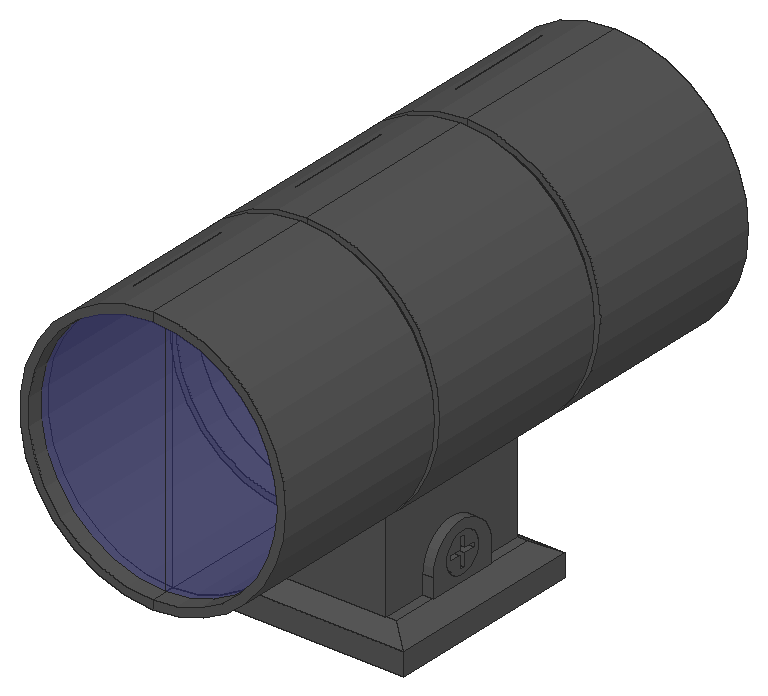
Revit family "CARLO CYLINDER LIGHT WALL MOUNT", category Lighting Fixtures, host Face, Revit 2020 (continued)
Types (10): name | Wattage_Input | Wattage Comments | Wattage | Photometric Web File | built-in parameter 1150142 | Model | built-in parameter 1150105 | Lumens | Light Length 1 | LIGHT RADIUS | LIGHT PLACEMENT | LIGHT LENGTH | LIGHT DIA | built-in parameter 1150106 | FIXED END HEIGHT | Curve base Height | Base Curve | BEAMING ANGLE | Apparent Load
     840.53 843.22 845.56 847.41 848.84 849.83 850.49 850.97 \r\n 849.27 \r\n2.1273 850.93 850.25 849.27 847.96 846.26 844.29 842.22 839.92 837.3 \r\n 834.51 831.73 828.74 825.3 821.6 817.8 813.77 809.41 804.75 799.66 \r\n 794.51 789.8 785 779.79 774.05 767.46 760.3 752.72 744.67 736.05 \r\n 727.18 718.46 709.45 699.68 689.58 679.45 669.21 658.82 648.43 638.33 \r\n 628 616.88 605.43 593.99 582.32 570.26 557.89 545.07 532.26 519.77 \r\n 507.94 497.49 487.61 477.67 467.92 458.37 449.02 439.92 430.91 421.81 \r\n 412.8 404.08 395.38 386.35 377.37 368.85 360.27 351.17 341.73 332.39 \r\n 321.94 309.19 294.56 277.77 259.76 241.49 222.65 203.11 183.38 163.92 \r\n 144.76 125.98 107.8 90.371 73.982 58.656 45.354 35.162 27.715 23.542 \r\n 21.055 18.775 16.909 15.117 13.562 12.297 11.304 10.636 10.125 9.6069 \r\n 9.1152 8.6109 8.1449 7.7728 7.4435 7.1207 6.8149 6.5245 6.2489 5.9857 \r\n 5.739 5.5181 5.3046 5.0771 4.8535 4.6471 4.4498 4.2604 4.0716 3.8684 \r\n 3.6724 3.5081 3.351 3.1797 3.0093 2.8475 2.6957 2.5637 2.4345 2.2858 \r\n 2.1425 2.0285 1.9252 1.8206 1.7187 1.6193 1.5238 1.4332 1.3491 1.2773 \r\n 1.2081 1.1313 1.0549 0.98346 0.91702 0.85851 0.80426 0.75206 0.70047 0.64503 \r\n 0.59259 0.55153 0.51282 0.4675 0.42381 0.38908 0.35703 0.32277 0.28942 0.25788 \r\n 0.22996 0.20938 0.19132 0.17164 0.15197 0.13357 0.11349 0.086633 0.060628 0.042554 \r\n 0.028976 0.019295 0.012078 0.005061 0.00013914 0 0 0 0 0 \r\n 0 0 0 0 0 0 0.00013494 0.0054518 0.015353 0.032678 \r\n 0.052164 0.068477 0.084677 0.10172 0.12058 0.14364 0.16766 0.19047 0.21124 0.22598 \r\n 0.24202 0.26657 0.2961 0.33053 0.36671 0.40032 0.43482 0.4728 0.51266 0.55311 \r\n 0.59583 0.64274 0.69188 0.74084 0.7929 0.85218 0.91374 0.97159 1.033 1.106 \r\n 1.1823 1.2566 1.3339 1.4172 1.5076 1.6101 1.7162 1.8145 1.9179 2.0367 \r\n 2.1669 2.3122 2.4606 2.5982 2.7341 2.8708 3.0153 3.1816 3.3509 3.5011 \r\n 3.6559 3.837 4.0277 4.2161 4.4089 4.6096 4.8155 5.025 5.2383 5.4527 \r\n 5.6749 5.9092 6.1597 6.4353 6.7262 7.0186 7.3335 7.6913 8.0812 8.4998 \r\n 8.9456 9.4008 9.9119 10.487 11.224 12.202 13.487 15.217 17.249 19.452 \r\n 21.921 24.27 27.818 33.699 42.084 53.815 68.01 84.227 101.98 120.68 \r\n 140.24 160.47 181.08 201.79 222.37 242.61 262.12 280.29 297.5 314.48 \r\n 329.58 340.65 349.94 359.07 367.69 375.93 384 392.16 400.34 408.53 \r\n 416.77 425.2 433.62 441.75 450.01 458.79 467.86 477.12 486.58 496.02 \r\n 505.92 516.79 528.29 540.31 552.68 565.34 577.81 589.5 600.76 611.71 \r\n 622.51 633.52 644.32 654.53 664.41 674.13 683.51 692.33 700.8 709.02 \r\n 717.17 725.6 733.79 741.26 748.28 754.91 761.36 768.03 774.52 780.48 \r\n 786.17 791.72 797.24 803.05 808.77 814.13 819.1 823.52 827.47 830.91 \r\n 834.11 837.36 840.42 843.21 845.6 847.41 848.77 849.69 850.34 850.91 \r\n 849.27 \r\n2.1273 850.8 850.05 849.2 848.05 846.3 844.29 842.32 840.13 837.46 \r\n 834.62 832.01 829.18 825.74 822 818.26 814.25 809.77 804.96 799.83 \r\n 794.71 790.19 785.57 780.34 774.55 768.06 760.96 753.23 744.99 736.33 \r\n 727.43 718.64 709.53 699.7 689.53 679.3 668.99 658.68 648.39 638.36 \r\n 628.08 616.97 605.51 594.03 582.35 570.41 558.13 545.2 532.28 519.79 \r\n 508.04 497.76 488.04 478.08 468.23 458.58 449.13 440.01 431 421.88 \r\n 412.83 404.01 395.21 386.18 377.19 368.59 359.93 350.83 341.38 331.99 \r\n 321.43 308.38 293.52 276.83 259.06 241.06 222.47 202.97 183.21 163.8 \r\n 144.65 125.82 107.52 89.838 73.227 57.885 44.68 34.706 27.488 23.428 \r\n 21.001 18.738 16.868 15.077 13.521 12.26 11.27 10.601 10.091 9.5886 \r\n 9.1138 8.6193 8.1596 7.7906 7.4612 7.1349 6.8248 6.5332 6.2564 5.9894 \r\n 5.7386 5.5148 5.2995 5.0728 4.8501 4.6423 4.4428 4.2509 4.0598 3.8557 \r\n 3.6594 3.4955 3.3387 3.1669 2.9946 2.8272 2.6706 2.5397 2.4131 2.2657 \r\n 2.1234 2.0095 1.9071 1.8077 1.7105 1.61 1.5119 1.4202 1.3361 1.2661 \r\n 1.1984 1.1193 1.0402 0.96884 0.90321 0.84494 0.79079 0.73868 0.68677 0.62985 \r\n 0.57593 0.53455 0.49596 0.4511 0.40743 0.37074 0.33694 0.30376 0.27156 0.23893 \r\n 0.20886 0.18433 0.16399 0.14879 0.13492 0.12013 0.1007 0.067104 0.03453 0.017641 \r\n 0.0084409 0.0047215 0.0037944 0.0016314 0.000044 0 0 0 0 0 \r\n 0 0 0 0 0 0 0.00019202 0.0081971 0.021805 0.043299 \r\n 0.066823 0.086823 0.10469 0.11806 0.13263 0.1552 0.18013 0.20456 0.22699 0.24255 \r\n 0.25853 0.28074 0.30868 0.34647 0.38613 0.4189 0.45125 0.48694 0.52533 0.56764 \r\n 0.61203 0.65632 0.70267 0.75245 0.80595 0.86547 0.92635 0.98151 1.0405 1.1143 \r\n 1.1919 1.2669 1.3444 1.4257 1.5147 1.6192 1.7289 1.833 1.9408 2.0573 \r\n 2.1842 2.3305 2.4797 2.6143 2.7471 2.8831 3.0284 3.198 3.3699 3.5173 \r\n 3.6683 3.848 4.0383 4.228 4.4218 4.6206 4.8245 5.0342 5.2485 5.4648 \r\n 5.6883 5.9218 6.1706 6.4449 6.7336 7.0212 7.3318 7.6897 8.079 8.4896 \r\n 8.9284 9.3881 9.9023 10.468 11.188 12.139 13.395 15.105 17.12 19.322 \r\n 21.773 24.068 27.497 33.117 41.223 52.821 66.842 82.702 99.954 117.87 \r\n 136.71 156.7 177.26 197.88 218.54 239.29 259.3 277.43 294.6 312.03 \r\n 327.67 339.06 348.58 357.86 366.59 374.94 383.07 391.21 399.38 407.74 \r\n 416.14 424.57 432.91 440.92 449 457.54 466.4 475.57 485.01 494.57 \r\n 504.56 515.25 526.54 538.47 550.81 563.58 576.21 587.98 599.28 610.15 \r\n 620.86 631.86 642.7 653.04 663.04 672.76 682.12 691.01 699.62 708.06 \r\n 716.37 724.65 732.7 740.38 747.64 754.26 760.65 767.26 773.72 779.74 \r\n 785.49 790.9 796.32 802.24 808.11 813.51 818.49 823 827.04 830.54 \r\n 833.79 837.15 840.33 843.19 845.62 847.4 848.71 849.58 850.23 850.87 \r\n 849.27 \r\n2.1273 850.72 849.95 849.14 848.03 846.29 844.28 842.36 840.2 837.52 \r\n 834.68 832.16 829.4 825.89 822.07 818.32 814.3 809.74 804.88 799.73 \r\n 794.65 790.24 785.72 780.46 774.62 768.14 761.02 753.18 744.84 736.13 \r\n 727.18 718.29 709.1 699.27 689.11 678.83 668.48 658.16 647.88 637.81 \r\n 627.5 616.36 604.88 593.43 581.77 569.83 557.53 544.54 531.56 519.09 \r\n 507.38 497.15 487.47 477.51 467.67 458.03 448.6 439.45 430.39 421.22 \r\n 412.1 403.21 394.34 385.28 376.26 367.57 358.82 349.7 340.24 330.79 \r\n 320.09 306.73 291.57 274.78 257.02 239.12 220.68 201.34 181.73 162.35 \r\n 143.2 124.4 106.1 88.284 71.595 56.419 43.487 33.848 26.944 23.05 \r\n 20.715 18.495 16.64 14.871 13.337 12.105 11.14 10.48 9.9759 9.4871 \r\n 9.029 8.5542 8.1114 7.7481 7.4204 7.0966 6.7885 6.4992 6.2245 5.9591 \r\n 5.7093 5.4853 5.2698 5.044 4.8224 4.6156 4.4167 4.224 4.0326 3.8312 \r\n 3.6375 3.4728 3.3147 3.1437 2.9727 2.8059 2.6498 2.5189 2.3928 2.2481 \r\n 2.1082 1.9934 1.89 1.7919 1.6961 1.5948 1.4959 1.4052 1.322 1.2521 \r\n 1.1842 1.1048 1.026 0.95674 0.89337 0.836 0.78203 0.72913 0.67656 0.6207 \r\n 0.5679 0.52605 0.48693 0.44286 0.4 0.3628 0.32865 0.29688 0.26604 0.23331 \r\n 0.20222 0.17478 0.15264 0.14094 0.13129 0.11772 0.098165 0.063048 0.028935 0.012299 \r\n 0.003838 0.00035055 0 0 0 0 0 0 0 0 \r\n 0 0 0 0 0 0 0.00019859 0.0086007 0.022533 0.043772 \r\n 0.066971 0.087308 0.10498 0.1158 0.12811 0.15163 0.17803 0.20212 0.22418 0.24094 \r\n 0.2579 0.27906 0.30575 0.3436 0.38375 0.41735 0.45005 0.48404 0.52077 0.56374 \r\n 0.6089 0.65195 0.69707 0.74732 0.80163 0.86137 0.92219 0.97686 1.0355 1.1099 \r\n 1.188 1.262 1.3379 1.4176 1.5054 1.6093 1.7195 1.8267 1.9372 2.0526 \r\n 2.1779 2.3247 2.4745 2.608 2.7394 2.8741 3.0188 3.1902 3.3642 3.5125 \r\n 3.6634 3.8409 4.0294 4.2206 4.4163 4.6149 4.8184 5.0283 5.2433 5.4607 \r\n 5.6855 5.92 6.1694 6.4427 6.7299 7.0165 7.3257 7.6811 8.0674 8.4744 \r\n 8.911 9.3738 9.8894 10.446 11.155 12.099 13.345 15.029 17.025 19.241 \r\n 21.705 23.98 27.363 32.907 40.912 52.409 66.266 81.829 98.693 116.1 \r\n 134.46 154.14 174.52 195.13 215.91 236.94 257.26 275.6 292.96 310.59 \r\n 326.42 338.01 347.7 357.11 365.93 374.34 382.53 390.71 398.92 407.35 \r\n 415.83 424.24 432.53 440.5 448.52 456.89 465.59 474.75 484.22 493.82 \r\n 503.8 514.33 525.44 537.29 549.64 562.47 575.18 587.05 598.43 609.3 \r\n 619.98 630.96 641.79 652.17 662.22 671.93 681.29 690.24 698.93 707.51 \r\n 715.9 724.08 732.03 739.82 747.2 753.78 760.11 766.77 773.29 779.34 \r\n 785.09 790.45 795.82 801.79 807.74 813.17 818.22 822.86 827.03 830.48 \r\n 833.67 837.08 840.32 843.19 845.61 847.38 848.68 849.58 850.24 850.89 \r\n 849.27 \r\n2.1273 850.7 849.95 849.08 847.91 846.23 844.28 842.32 840.13 837.48 \r\n 834.69 832.18 829.4 825.77 821.81 817.96 813.89 809.33 804.49 799.37 \r\n 794.31 789.93 785.42 780.15 774.26 767.68 760.45 752.57 744.2 735.43 \r\n 726.41 717.41 708.16 698.39 688.32 678.06 667.67 657.28 646.89 636.69 \r\n 626.25 615.04 603.55 592.18 580.59 568.52 556.07 543.06 530.1 517.67 \r\n 505.97 495.66 485.91 475.99 466.22 456.74 447.43 438.23 429.08 419.83 \r\n 410.64 401.68 392.77 383.67 374.61 365.81 356.96 347.81 338.32 328.81 \r\n 317.97 304.3 288.79 271.69 253.7 235.71 217.32 198.27 178.95 159.6 \r\n 140.44 121.73 103.54 85.736 69.131 54.301 41.807 32.609 26.09 22.412 \r\n 20.202 18.048 16.227 14.502 13.013 11.835 10.918 10.276 9.7816 9.3052 \r\n 8.8631 8.4171 8.0011 7.6462 7.3222 7.0068 6.7071 6.4235 6.1539 5.8954 \r\n 5.6516 5.4305 5.2165 4.9915 4.7711 4.5677 4.3724 4.1806 3.9908 3.7958 \r\n 3.6075 3.4407 3.2799 3.1109 2.9441 2.7845 2.6343 2.5023 2.3744 2.2335 \r\n 2.0972 1.9809 1.8743 1.7736 1.6758 1.5742 1.4763 1.3886 1.3073 1.2357 \r\n 1.166 1.0884 1.0128 0.94756 0.88776 0.83191 0.7782 0.72371 0.67024 0.61793 \r\n 0.56877 0.52632 0.48604 0.44312 0.40187 0.36565 0.33252 0.30245 0.27319 0.24136 \r\n 0.21041 0.18133 0.15802 0.14864 0.14136 0.12642 0.10586 0.074599 0.04419 0.026947 \r\n 0.015478 0.0059441 0 0 0 0 0 0 0 0 \r\n 0 0 0 0 0 0 0.00015269 0.0065415 0.017317 0.033957 \r\n 0.052564 0.069853 0.085465 0.095054 0.1073 0.13315 0.16145 0.18322 0.20287 0.2211 \r\n 0.24007 0.26154 0.28738 0.32192 0.35949 0.39552 0.43103 0.46404 0.49902 0.54136 \r\n 0.5863 0.62963 0.67515 0.7255 0.7799 0.8398 0.90118 0.95754 1.0178 1.0928 \r\n 1.1705 1.2417 1.3145 1.3932 1.4798 1.5807 1.6883 1.7955 1.9068 2.0223 \r\n 2.1476 2.2946 2.4447 2.5792 2.711 2.8437 2.9864 3.1579 3.3334 3.4862 \r\n 3.6407 3.8155 4.0008 4.1935 4.3918 4.5921 4.7966 5.0069 5.222 5.4398 \r\n 5.6655 5.9031 6.155 6.4277 6.7141 7.0034 7.3142 7.6643 8.0453 8.4531 \r\n 8.8919 9.3561 9.871 10.42 11.123 12.079 13.331 14.987 16.961 19.206 \r\n 21.71 23.998 27.408 33.058 41.135 52.559 66.26 81.592 98.202 115.41 \r\n 133.55 152.87 172.96 193.63 214.55 235.59 256.01 274.82 292.6 310.17 \r\n 325.85 337.52 347.34 356.82 365.71 374.16 382.38 390.66 398.96 407.38 \r\n 415.82 424.21 432.5 440.52 448.57 456.85 465.46 474.68 484.22 493.77 \r\n 503.64 514.01 524.98 536.81 549.17 562 574.74 586.71 598.2 609.15 \r\n 619.89 630.82 641.58 651.93 661.95 671.66 681.04 690.03 698.75 707.36 \r\n 715.75 723.89 731.79 739.58 746.96 753.46 759.75 766.56 773.24 779.27 \r\n 784.97 790.35 795.76 801.72 807.66 813.16 818.3 823.13 827.42 830.74 \r\n 833.76 837.13 840.37 843.2 845.59 847.36 848.69 849.68 850.4 850.95 \r\n 849.27 \r\n2.1273 850.69 849.98 849.03 847.78 846.16 844.28 842.27 840.03 837.43 \r\n 834.69 832.16 829.32 825.56 821.46 817.51 813.38 808.84 804.04 798.96 \r\n 793.92 789.54 785.01 779.7 773.75 767.05 759.72 751.82 743.43 734.61 \r\n 725.52 716.42 707.1 697.42 687.46 677.23 666.82 656.35 645.84 635.47 \r\n 624.87 613.59 602.08 590.8 579.26 567.04 554.43 541.41 528.49 516.12 \r\n 504.47 494.06 484.2 474.31 464.64 455.33 446.16 436.92 427.67 418.35 \r\n 409.09 400.09 391.14 382.02 372.91 364.01 355.06 345.89 336.38 326.79 \r\n 315.81 301.87 286.03 268.59 250.29 232.15 213.76 194.97 175.94 156.6 \r\n 137.42 118.83 100.78 83.047 66.585 52.133 40.093 31.338 25.201 21.738 \r\n 19.652 17.565 15.782 14.106 12.666 11.547 10.681 10.06 9.5755 9.1107 \r\n 8.6834 8.2669 7.8784 7.5317 7.2111 6.9052 6.6149 6.3373 6.0733 5.8228 \r\n 5.5863 5.3688 5.1568 4.9326 4.7132 4.5136 4.3222 4.132 3.9444 3.7566 \r\n 3.5744 3.4052 3.2412 3.0746 2.9129 2.7616 2.6184 2.485 2.3547 2.2177 \r\n 2.0852 1.9674 1.8577 1.7536 1.6531 1.5516 1.4552 1.3711 1.2918 1.2181 \r\n 1.1464 1.071 0.99919 0.93811 0.88198 0.82771 0.77431 0.71835 0.66414 0.61571 \r\n 0.57048 0.52737 0.48587 0.4444 0.40511 0.37001 0.33802 0.30974 0.28222 0.25166 \r\n 0.22127 0.19106 0.16685 0.15937 0.15382 0.1368 0.11491 0.088597 0.063024 0.045166 \r\n 0.030038 0.012957 0 0 0 0 0 0 0 0 \r\n 0 0 0 0 0 0 0.000099 0.0040837 0.011165 0.022609 \r\n 0.036029 0.049663 0.062902 0.071795 0.084609 0.11285 0.14286 0.16183 0.17864 0.19838 \r\n 0.21957 0.24174 0.26686 0.29723 0.33137 0.37 0.4088 0.44125 0.47471 0.51593 \r\n 0.56022 0.60431 0.65078 0.70118 0.75545 0.81525 0.87705 0.93548 0.99778 1.0732 \r\n 1.1504 1.2187 1.2883 1.366 1.4517 1.5493 1.6538 1.7604 1.872 1.9876 \r\n 2.1131 2.2599 2.4102 2.546 2.6785 2.8093 2.9499 3.1207 3.2971 3.4552 \r\n 3.6142 3.7864 3.9684 4.1625 4.3633 4.565 4.7706 4.9816 5.1972 5.4149 \r\n 5.6411 5.8817 6.1365 6.4084 6.694 6.9867 7.2996 7.6439 8.0189 8.4277 \r\n 8.8688 9.3333 9.8466 10.388 11.086 12.054 13.314 14.937 16.884 19.154 \r\n 21.698 24.006 27.454 33.228 41.396 52.752 66.304 81.415 97.804 114.91 \r\n 132.93 151.89 171.68 192.4 213.45 234.42 254.87 274.19 292.44 309.89 \r\n 325.36 337.09 347.01 356.57 365.51 373.98 382.24 390.62 399.01 407.4 \r\n 415.77 424.13 432.42 440.51 448.62 456.85 465.41 474.69 484.28 493.77 \r\n 503.53 513.77 524.62 536.43 548.8 561.62 574.37 586.44 598.04 609.12 \r\n 619.93 630.82 641.51 651.8 661.78 671.49 680.89 689.92 698.67 707.28 \r\n 715.66 723.76 731.63 739.38 746.73 753.16 759.44 766.42 773.27 779.28 \r\n 784.93 790.36 795.81 801.73 807.64 813.21 818.47 823.48 827.88 831.06 \r\n 833.88 837.21 840.43 843.2 845.55 847.34 848.72 849.81 850.57 851.03 \r\n 849.27 \r\n2.1273 850.7 850.03 848.98 847.65 846.09 844.28 842.21 839.92 837.38 \r\n 834.69 832.14 829.22 825.33 821.1 817.04 812.84 808.32 803.58 798.55 \r\n 793.56 789.14 784.55 779.18 773.16 766.34 758.91 751 742.62 733.76 \r\n 724.61 715.41 706.04 696.46 686.61 676.4 665.97 655.43 644.8 634.24 \r\n 623.47 612.11 600.59 589.39 577.91 565.53 552.74 539.72 526.86 514.61 \r\n 503.02 492.51 482.55 472.67 463.09 453.96 444.93 435.65 426.31 416.93 \r\n 407.63 398.6 389.62 380.48 371.33 362.35 353.32 344.13 334.59 324.92 \r\n 313.81 299.65 283.54 265.74 247.13 228.79 210.33 191.76 172.96 153.61 \r\n 134.39 115.92 98.036 80.435 64.165 50.086 38.473 30.131 24.346 21.081 \r\n 19.111 17.087 15.341 13.715 12.327 11.266 10.449 9.8492 9.3758 8.9214 \r\n 8.5071 8.1181 7.7555 7.416 7.0983 6.8015 6.5205 6.2487 5.99 5.7476 \r\n 5.5185 5.305 5.0952 4.8718 4.6533 4.4572 4.2697 4.0814 3.8964 3.7158 \r\n 3.5396 3.368 3.2009 3.037 2.8805 2.7378 2.6016 2.4665 2.3335 2.2001 \r\n 2.0712 1.9525 1.8402 1.7324 1.6291 1.528 1.4336 1.3529 1.2758 1.2001 \r\n 1.1265 1.0534 0.9852 0.92799 0.87522 0.82242 0.7694 0.71233 0.6577 0.61297 \r\n 0.57139 0.52757 0.48494 0.44522 0.40816 0.37403 0.34299 0.31654 0.29091 0.26182 \r\n 0.23229 0.20144 0.17663 0.17067 0.16629 0.14672 0.12325 0.10211 0.081717 0.063396 \r\n 0.044684 0.020027 0 0 0 0 0 0 0 0 \r\n 0 0 0 0 0 0 0.000045 0.0016107 0.0050632 0.01164 \r\n 0.0202 0.030188 0.041094 0.049795 0.063586 0.093928 0.1252 0.14122 0.15512 0.1763 \r\n 0.19969 0.22277 0.2473 0.27317 0.30348 0.34451 0.3866 0.41893 0.45124 0.49098 \r\n 0.53426 0.57941 0.62723 0.67767 0.73165 0.791 0.85291 0.91338 0.97773 1.0535 \r\n 1.1301 1.1957 1.2626 1.3394 1.4241 1.5187 1.6203 1.7261 1.8376 1.9532 \r\n 2.0787 2.2252 2.3754 2.5124 2.6458 2.7749 2.9134 3.0828 3.2596 3.423 \r\n 3.5868 3.7568 3.9357 4.1309 4.3337 4.5362 4.7426 4.955 5.1715 5.3885 \r\n 5.6145 5.8578 6.1151 6.3859 6.6705 6.9665 7.2814 7.6201 7.9888 8.3977 \r\n 8.8398 9.3034 9.8141 10.349 11.042 12.019 13.28 14.867 16.782 19.069 \r\n 21.645 23.972 27.455 33.331 41.567 52.854 66.262 81.155 97.341 114.43 \r\n 132.39 151.03 170.52 191.28 212.42 233.26 253.69 273.51 292.24 309.58 \r\n 324.83 336.61 346.64 356.25 365.24 373.73 382.02 390.51 398.97 407.3 \r\n 415.58 423.92 432.22 440.37 448.54 456.76 465.32 474.64 484.26 493.68 \r\n 503.35 513.47 524.22 536.02 548.41 561.2 573.96 586.11 597.84 609.05 \r\n 619.96 630.83 641.45 651.67 661.61 671.32 680.75 689.82 698.61 707.2 \r\n 715.56 723.64 731.48 739.18 746.47 752.85 759.13 766.29 773.32 779.32 \r\n 784.93 790.41 795.9 801.77 807.64 813.29 818.69 823.85 828.34 831.38 \r\n 834.02 837.3 840.5 843.2 845.5 847.32 848.77 849.94 850.75 851.11 \r\n 849.27 \r\n2.1273 850.71 850.07 848.95 847.54 846.03 844.28 842.16 839.81 837.34 \r\n 834.72 832.11 829.1 825.12 820.78 816.62 812.35 807.84 803.15 798.2 \r\n 793.25 788.78 784.1 778.65 772.54 765.63 758.12 750.21 741.84 732.95 \r\n 723.75 714.48 705.07 695.5
    8 685.84 675.65 665.2 654.6 643.87 633.13 \r\n 622.18 610.75 599.21 588.08 576.64 564.09 551.15 538.13 525.36 513.26 \r\n 501.81 491.21 481.14 471.27 461.75 452.76 443.86 434.55 425.14 415.73 \r\n 406.41 397.36 388.36 379.21 370.05 361.01 351.9 342.71 333.16 323.41 \r\n 312.17 297.87 281.56 263.45 244.52 225.97 207.4 188.94 170.29 150.89 \r\n 131.62 113.26 95.54 78.118 62.08 48.331 37.079 29.085 23.595 20.498 \r\n 18.627 16.657 14.943 13.365 12.025 11.016 10.242 9.6631 9.2007 8.7553 \r\n 8.3517 7.9857 7.6446 7.3106 6.9947 6.7057 6.4327 6.1654 5.9112 5.676 \r\n 5.4537 5.244 5.0365 4.8137 4.5959 4.4028 4.2186 4.0322 3.8498 3.6758 \r\n 3.5049 3.3311 3.1613 2.9999 2.8483 2.7132 2.5832 2.4465 2.3108 2.18 \r\n 2.0542 1.9353 1.8215 1.7107 1.6049 1.5046 1.4123 1.3348 1.2596 1.1824 \r\n 1.1073 1.0361 0.9709 0.91677 0.86667 0.81507 0.76248 0.70495 0.65038 0.60861 \r\n 0.56984 0.5253 0.48178 0.44413 0.40946 0.37586 0.34526 0.32061 0.29699 0.26947 \r\n 0.24098 0.20996 0.18487 0.18008 0.17636 0.15407 0.12881 0.11221 0.09655 0.078041 \r\n 0.056577 0.026168 0.00067114 0 0 0 0 0 0 0 \r\n 0 0 0 0 0 0 0 0 0 0.0029607 \r\n 0.0079125 0.014875 0.023841 0.032832 0.047786 0.079568 0.11142 0.12467 0.13594 0.15837 \r\n 0.18375 0.20777 0.23183 0.2534 0.27992 0.32276 0.36765 0.40031 0.43202 0.47004 \r\n 0.512 0.55836 0.60775 0.65827 0.71183 0.77034 0.83185 0.89392 0.95999 1.036 \r\n 1.112 1.1757 1.2405 1.3165 1.4004 1.4939 1.5924 1.6975 1.8085 1.9236 \r\n 2.0487 2.1947 2.3447 2.4826 2.6167 2.7445 2.8812 3.0485 3.2249 3.3932 \r\n 3.5616 3.7299 3.9061 4.1021 4.3062 4.5085 4.7148 4.9291 5.1473 5.3632 \r\n 5.588 5.8332 6.0923 6.3616 6.6448 6.9432 7.2596 7.5931 7.9558 8.3626 \r\n 8.8034 9.2646 9.7717 10.3 10.987 11.965 13.219 14.766 16.643 18.933 \r\n 21.524 23.864 27.364 33.279 41.524 52.728 65.996 80.664 96.66 113.77 \r\n 131.75 150.13 169.36 190.11 211.29 231.96 252.32 272.59 291.77 309.05 \r\n 324.14 335.99 346.12 355.79 364.82 373.33 381.64 390.21 398.74 406.99 \r\n 415.18 423.5 431.81 440 448.22 456.48 465.05 474.4 484.01 493.38 \r\n 502.97 513 523.67 535.46 547.85 560.62 573.38 585.62 597.45 608.8 \r\n 619.83 630.69 641.26 651.45 661.35 671.07 680.52 689.63 698.47 707.05 \r\n 715.38 723.44 731.26 738.9 746.15 752.5 758.81 766.13 773.32 779.34 \r\n 784.93 790.45 795.97 801.78 807.61 813.36 818.89 824.18 828.73 831.65 \r\n 834.14 837.37 840.54 843.19 845.46 847.32 848.82 850.07 850.9 851.17 \r\n 849.27 \r\n" | "CCL3-09-10SPSW8-PC-60-WM-BK" | 496.56 (stored number, unit not read) | 850 lm | 0' - 2.99349" | 0' - 1 1/2" | 0' - 3 117/128" | 0' - 8 251/256" | 0' - 3" | 4.9656 (stored number, unit not read) | 0' - 5 53/128" | 0' - 3 1/2" | 0' - 1 77/128" | 60.00° | 12.5 VA
